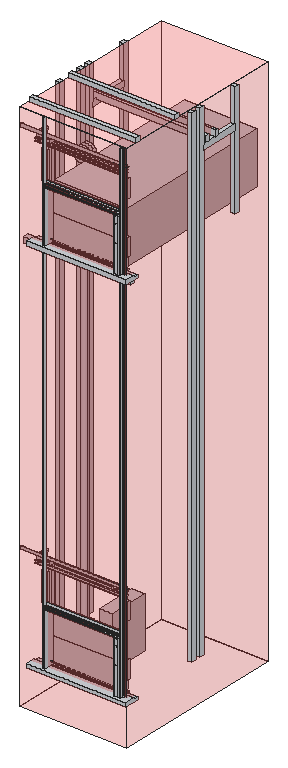
Revit family "SHC2000-2U-1方向", category 一般モデル, Revit 2018
Family settings
  鉄筋をホスト可能 = いいえ
  丸型コネクタ寸法 = 直径を使用
  パーツ タイプ = 標準
  作業面ベース = いいえ
  常に垂直 = はい
  ロード時にボイドで切り取り = いいえ
  共有 = いいえ
  部屋計算ポイント = いいえ
Parameters
  昇降行程 = 13000 mm
Reference planes
  plane 1 "レール芯": y = 0
  plane 2 "最下階FL": z = 0
  plane 3 "かご芯": x = 0
  plane 4: z = 13000
  plane 5 "ピット底面": z = -1550
  plane 6: z = 16900
  plane 7: z = 1800
Forms (mm)
  Extrusion 1, solid
    sketch origin (-115, 140, 0) x (1, 0, 0) y (0, 1, 0)
      loop
        line (-2010, 3075) -> (-2010, -3010) -> (1650, -3010) -> (1650, 3075) -> (-2010, 3075)
    from -1550 to 16900
  Extrusion 2, solid
    sketch origin (-188.849, -187.656, 5000) x (1, 0, 0) y (0, 1, 0)
      loop
        line (-1046.151, 3292.656) -> (-1046.151, -2312.344) -> (1423.849, -2312.344) -> (1423.849, 3292.656) -> (-1046.151, 3292.656)
    from 8000 to 9800
  Extrusion 3, solid
    sketch origin (69.836, -13.256, 0) x (1, 0, 0) y (0, 1, 0)
      loop
        line (1465.164, 263.256) -> (1465.164, 113.256) -> (1615.164, 113.256) -> (1615.164, 263.256) -> (1465.164, 263.256)
    from 0 to 16900
  Extrusion 4, solid
    sketch origin (-180.164, -413.256, 0) x (1, 0, 0) y (0, 1, 0)
      loop
        line (1715.164, 313.256) -> (1715.164, 163.256) -> (1865.164, 163.256) -> (1865.164, 313.256) -> (1715.164, 313.256)
    from 0 to 16900
  Extrusion 5, solid
    sketch origin (758.997, -221.31, 0) x (1, 0, 0) y (0, 1, 0)
      loop
        line (-3033.997, 471.31) -> (-3033.997, 321.31) -> (-2883.997, 321.31) -> (-2883.997, 471.31) -> (-3033.997, 471.31)
    from 0 to 16900
  Extrusion 6, solid
    sketch origin (758.997, -1471.31, 0) x (1, 0, 0) y (0, 1, 0)
      loop
        line (-3033.997, 1371.31) -> (-3033.997, 1221.31) -> (-2883.997, 1221.31) -> (-2883.997, 1371.31) -> (-3033.997, 1371.31)
    from 0 to 16900
  Extrusion 7, solid
    sketch origin (0, -2744.792, -183.066) x (0, 1, 0) y (0, 0, 1)
      loop
        line (279.792, 17233.066) -> (279.792, 17083.066) -> (429.792, 17083.066) -> (429.792, 17233.066) -> (279.792, 17233.066)
    from -2125 to 1535
  Extrusion 8, solid
    sketch origin (0, -1079.792, -183.066) x (0, 1, 0) y (0, 0, 1)
      loop
        line (279.792, 17233.066) -> (279.792, 17083.066) -> (429.792, 17083.066) -> (429.792, 17233.066) -> (279.792, 17233.066)
    from -2125 to 1535
  Extrusion 9, solid
    sketch origin (0, -1882.235, 116.596) x (0, 1, 0) y (0, 0, 1)
      loop
        line (-827.765, 12733.404) -> (-827.765, 12539.404) -> (-677.765, 12539.404) -> (-677.765, 12733.404) -> (-827.765, 12733.404)
    from -2125 to 1535
  Extrusion 10, solid
    sketch origin (322.648, -2063.415, 0) x (-1, 0, 0) y (0, -1, 0)
      loop
        line (-1052.352, 796.585) -> (-1052.352, 896.585) -> (-1055.352, 896.585)
        arc (-1055.352, 896.585) -> (-1060.302, 894.535) -> (-1062.352, 889.585) r 7
        line (-1062.352, 889.585) -> (-1062.352, 816.585)
        arc (-1062.352, 816.585) -> (-1065.281, 809.514) -> (-1072.352, 806.585) r 10
        line (-1072.352, 806.585) -> (-1145.352, 806.585)
        arc (-1145.352, 806.585) -> (-1150.302, 804.535) -> (-1152.352, 799.585) r 7
        line (-1152.352, 799.585) -> (-1152.352, 796.585) -> (-1052.352, 796.585)
    from 0 to 12850
  Extrusion 11, solid
    sketch origin (-22.648, -2063.415, 0) x (1, 0, 0) y (0, 1, 0)
      loop
        line (-1232.352, -796.585) -> (-1332.352, -796.585) -> (-1332.352, -799.585)
        arc (-1332.352, -799.585) -> (-1330.302, -804.535) -> (-1325.352, -806.585) r 7
        line (-1325.352, -806.585) -> (-1252.352, -806.585)
        arc (-1252.352, -806.585) -> (-1245.281, -809.514) -> (-1242.352, -816.585) r 10
        line (-1242.352, -816.585) -> (-1242.352, -889.585)
        arc (-1242.352, -889.585) -> (-1240.302, -894.535) -> (-1235.352, -896.585) r 7
        line (-1235.352, -896.585) -> (-1232.352, -896.585) -> (-1232.352, -796.585)
    from 0 to 12850
  Extrusion 12, solid
    sketch origin (522.648, -2063.415, 5000) x (-1, 0, 0) y (0, -1, 0)
      loop
        line (-852.352, 896.585) -> (-855.352, 896.585)
        arc (-855.352, 896.585) -> (-860.302, 894.535) -> (-862.352, 889.585) r 7
        line (-862.352, 889.585) -> (-862.352, 816.585)
        arc (-862.352, 816.585) -> (-865.281, 809.514) -> (-872.352, 806.585) r 10
        line (-872.352, 806.585) -> (-945.352, 806.585)
        arc (-945.352, 806.585) -> (-950.302, 804.535) -> (-952.352, 799.585) r 7
        line (-952.352, 799.585) -> (-952.352, 796.585) -> (-852.352, 796.585) -> (-852.352, 896.585)
    from 8000 to 11900
  Extrusion 13, solid
    sketch origin (-22.648, -2063.415, 5000) x (1, 0, 0) y (0, 1, 0)
      loop
        arc (-1242.352, -889.585) -> (-1240.302, -894.535) -> (-1235.352, -896.585) r 7
        line (-1235.352, -896.585) -> (-1232.352, -896.585) -> (-1232.352, -796.585) -> (-1332.352, -796.585) -> (-1332.352, -799.585)
        arc (-1332.352, -799.585) -> (-1330.302, -804.535) -> (-1325.352, -806.585) r 7
        line (-1325.352, -806.585) -> (-1252.352, -806.585)
        arc (-1252.352, -806.585) -> (-1245.281, -809.514) -> (-1242.352, -816.585) r 10
        line (-1242.352, -816.585) -> (-1242.352, -889.585)
    from 8000 to 11900
  Extrusion 14, solid
    sketch origin (90, -5397.272, 6235.614) x (0, 0, -1) y (0, 1, 0)
      loop
        line (-8644.386, 2437.272) -> (-8644.386, 2537.272) -> (-8744.386, 2537.272) -> (-8744.386, 2534.272)
        arc (-8744.386, 2534.272) -> (-8742.335, 2529.322) -> (-8737.386, 2527.272) r 7
        line (-8737.386, 2527.272) -> (-8664.386, 2527.272)
        arc (-8664.386, 2527.272) -> (-8657.315, 2524.343) -> (-8654.386, 2517.272) r 10
        line (-8654.386, 2517.272) -> (-8654.386, 2444.272)
        arc (-8654.386, 2444.272) -> (-8652.335, 2439.322) -> (-8647.386, 2437.272) r 7
        line (-8647.386, 2437.272) -> (-8644.386, 2437.272)
    from -1345 to 1285
  Extrusion 15, solid
    sketch origin (0, -1037.728, 6270.614) x (0, 0, -1) y (0, 1, 0)
      loop
        line (-10039.386, -1729.272) -> (-10039.386, -1802.272)
        arc (-10039.386, -1802.272) -> (-10042.315, -1809.343) -> (-10049.386, -1812.272) r 10
        line (-10049.386, -1812.272) -> (-10122.386, -1812.272)
        arc (-10122.386, -1812.272) -> (-10127.335, -1814.322) -> (-10129.386, -1819.272) r 7
        line (-10129.386, -1819.272) -> (-10129.386, -1822.272) -> (-10029.386, -1822.272) -> (-10029.386, -1722.272) -> (-10032.386, -1722.272)
        arc (-10032.386, -1722.272) -> (-10037.335, -1724.322) -> (-10039.386, -1729.272) r 7
    from -2125 to 1535
  Extrusion 16, solid
    sketch origin (454.836, 1486.744, 0) x (1, 0, 0) y (0, 1, 0)
      loop
        line (1080.164, 263.256) -> (1080.164, 113.256) -> (1230.164, 113.256) -> (1230.164, 263.256) -> (1080.164, 263.256)
    from 13000 to 16900
  Extrusion 17, solid
    sketch origin (783.997, -2408.81, 0) x (1, 0, 0) y (0, 1, 0)
      loop
        line (-3058.997, 1408.81) -> (-3058.997, 1258.81) -> (-2908.997, 1258.81) -> (-2908.997, 1408.81) -> (-3058.997, 1408.81)
    from 0 to 16900
  Extrusion 18, solid
    sketch origin (-455, 650, -1350) x (1, 0, 0) y (0, 1, 0)
      loop
        line (-1420, 950) -> (-1420, -420) -> (-970, -420) -> (-970, 950) -> (-1420, 950)
    from -200 to 1550
  Extrusion 19, solid
    sketch origin (-290, -250, 0) x (1, 0, 0) y (0, 1, 0)
      loop
        circle (-1325, -475) r 110
    from 383 to 14716
  Extrusion 20, solid
    sketch origin (-1265, -550, -566) x (1, 0, 0) y (0, 0, 1)
      loop
        circle (-350, 15316) r 240
    from -10 to 110
  Extrusion 21, solid
    sketch origin (-1265, -800, -566) x (1, 0, 0) y (0, 0, 1)
      loop
        circle (-350, 15316) r 240
    from -10 to 110
  Extrusion 22, solid
    sketch origin (295.293, 79.04, 0) x (1, 0, 0) y (0, 1, 0)
      loop
        line (-2085.293, -629.04) -> (-2085.293, -979.04) -> (-1735.293, -979.04) -> (-1735.293, -629.04) -> (-2085.293, -629.04)
    from -1550 to 383
  Extrusion 23, solid
    sketch origin (-3415.164, 1486.744, 0) x (1, 0, 0) y (0, 1, 0)
      loop
        line (1140.164, 263.256) -> (1140.164, 113.256) -> (1290.164, 113.256) -> (1290.164, 263.256) -> (1140.164, 263.256)
    from 13000 to 16900
  Extrusion 24, solid
    sketch origin (1535, 0, -1200) x (0, 1, 0) y (0, 0, 1)
      loop
        line (250, 16950) -> (250, 16750) -> (1600, 16750) -> (1600, 16950) -> (250, 16950)
    from 0 to 150
  Extrusion 25, solid
    sketch origin (-2325, 0, -1200) x (0, 1, 0) y (0, 0, 1)
      loop
        line (250, 16950) -> (250, 16750) -> (1600, 16750) -> (1600, 16950) -> (250, 16950)
    from 50 to 200
  Extrusion 26, solid
    sketch origin (0, 0, -1200) x (0, 1, 0) y (0, 0, 1)
      loop
        line (360, 17150) -> (360, 16950) -> (450, 16950) -> (450, 17150) -> (360, 17150)
      loop
        line (750, 17150) -> (750, 16950) -> (840, 16950) -> (840, 17150) -> (750, 17150)
    from -2275 to 1685
  Extrusion 27, solid
    sketch origin (0, 0, 0) x (0, 1, 0) y (0, 0, 1)
      loop
        line (-2880, 1890) -> (-2953, 1890)
        arc (-2953, 1890) -> (-2957.95, 1887.95) -> (-2960, 1883) r 7
        line (-2960, 1883) -> (-2960, 1880) -> (-2860, 1880) -> (-2860, 1980) -> (-2863, 1980)
        arc (-2863, 1980) -> (-2867.95, 1977.95) -> (-2870, 1973) r 7
        line (-2870, 1973) -> (-2870, 1900)
        arc (-2870, 1900) -> (-2872.929, 1892.929) -> (-2880, 1890) r 10
    from -1255 to 1375
  Extrusion 28, solid
    sketch origin (0, -5720, 1420) x (0, -1, 0) y (0, 0, -1)
      loop
        arc (-2880, -1890) -> (-2872.929, -1892.929) -> (-2870, -1900) r 10
        line (-2870, -1900) -> (-2870, -1973)
        arc (-2870, -1973) -> (-2867.95, -1977.95) -> (-2863, -1980) r 7
        line (-2863, -1980) -> (-2860, -1980) -> (-2860, -1880) -> (-2960, -1880) -> (-2960, -1883)
        arc (-2960, -1883) -> (-2957.95, -1887.95) -> (-2953, -1890) r 7
        line (-2953, -1890) -> (-2880, -1890)
    from -2125 to 1535
Dimensions and locks
  "昇降行程": plane 4 to plane 2 "最下階FL"
  plane 6 to plane 4 = 3900 mm
  locked: Extrusion 2 to plane 4 at 1800
  locked: plane 4 to Extrusion 10 at 150
  locked: Extrusion 19 to plane 4 at 1716
  aligned and locked: level to plane 2 "最下階FL"
  aligned and locked: Extrusion 1 to plane 5 "ピット底面"
  aligned and locked: Extrusion 2 to plane 4
  aligned and locked: Extrusion 4 to plane 2 "最下階FL"
  aligned and locked: Extrusion 3 to plane 2 "最下階FL"
  aligned and locked: Extrusion 5 to Extrusion 1
  aligned and locked: Extrusion 6 to Extrusion 1
  aligned and locked: Extrusion 3 to Extrusion 1
  aligned and locked: Extrusion 4 to Extrusion 1
  aligned and locked: Extrusion 5 to plane 2 "最下階FL"
  aligned and locked: Extrusion 6 to plane 2 "最下階FL"
  aligned and locked: Extrusion 1 to Extrusion 8  (x2)
  aligned and locked: Extrusion 8 to Extrusion 1
  aligned and locked: Extrusion 7 to Extrusion 1
  aligned and locked: Extrusion 1 to Extrusion 9  (x2)
  aligned and locked: Extrusion 1 to Extrusion 7  (x2)
  aligned and locked: Extrusion 12 to Extrusion 13
  aligned and locked: Extrusion 13 to plane 4
  aligned and locked: Extrusion 12 to plane 4
  aligned and locked: Extrusion 1 to plane 6
  aligned and locked: plane 6 to Extrusion 12
  aligned and locked: plane 6 to Extrusion 13
  aligned and locked: Extrusion 11 to Extrusion 10
  aligned and locked: plane 6 to Extrusion 5
  aligned and locked: plane 6 to Extrusion 3
  aligned and locked: plane 6 to Extrusion 4
  aligned and locked: plane 6 to Extrusion 6
  aligned and locked: Extrusion 1 to Extrusion 17
  aligned and locked: Extrusion 1 to Extrusion 16
  aligned and locked: Extrusion 16 to plane 4
  aligned and locked: Extrusion 1 to Extrusion 23
  aligned and locked: Extrusion 23 to plane 4
  aligned and locked: plane 4 to nested 2
Automatic sketch dimensions
  Extrusion 1 sketch curve to plane 3 "かご芯" = 2125 mm
  plane 3 "かご芯" to Extrusion 1 sketch curve = 1535 mm
  plane 1 "レール芯" to Extrusion 1 sketch curve = 2870 mm
  Extrusion 1 sketch curve to plane 1 "レール芯" = 3215 mm
  Extrusion 2 sketch curve to plane 3 "かご芯" = 1235 mm
  plane 3 "かご芯" to Extrusion 2 sketch curve = 1235 mm
  plane 1 "レール芯" to Extrusion 2 sketch curve = 2500 mm
  Extrusion 2 sketch curve to plane 1 "レール芯" = 3105 mm
  Extrusion 3 sketch curve to plane 1 "レール芯" = 100 mm
  plane 3 "かご芯" to Extrusion 3 sketch curve = 1535 mm
  Extrusion 3 sketch curve to Extrusion 3 sketch curve = 150 mm  (x2)
  plane 1 "レール芯" to Extrusion 4 sketch curve = 250 mm
  plane 3 "かご芯" to Extrusion 4 sketch curve = 1535 mm
  Extrusion 4 sketch curve to Extrusion 4 sketch curve = 150 mm
  plane 1 "レール芯" to Extrusion 4 sketch curve = 100 mm
  Extrusion 5 sketch curve to plane 1 "レール芯" = 100 mm
  Extrusion 5 sketch curve to plane 3 "かご芯" = 2275 mm
  Extrusion 5 sketch curve to Extrusion 5 sketch curve = 150 mm  (x2)
  plane 1 "レール芯" to Extrusion 6 sketch curve = 250 mm
  Extrusion 6 sketch curve to plane 3 "かご芯" = 2275 mm
  Extrusion 6 sketch curve to Extrusion 6 sketch curve = 150 mm
  plane 1 "レール芯" to Extrusion 6 sketch curve = 100 mm
  Extrusion 7 sketch curve to plane 6 = 0 mm
  plane 1 "レール芯" to Extrusion 7 sketch curve = 2465 mm
  Extrusion 7 sketch curve to Extrusion 7 sketch curve = 150 mm
  plane 6 to Extrusion 7 sketch curve = 150 mm
  Extrusion 8 sketch curve to plane 6 = 0 mm
  plane 1 "レール芯" to Extrusion 8 sketch curve = 800 mm
  Extrusion 8 sketch curve to Extrusion 8 sketch curve = 150 mm
  plane 6 to Extrusion 8 sketch curve = 150 mm
  Extrusion 9 sketch curve to plane 4 = 344 mm
  plane 1 "レール芯" to Extrusion 9 sketch curve = 2710 mm
  Extrusion 9 sketch curve to Extrusion 9 sketch curve = 150 mm
  Extrusion 9 sketch curve to plane 4 = 150 mm
  Extrusion 10 sketch curve to plane 3 "かご芯" = 1475 mm
  Extrusion 10 sketch curve to Extrusion 10 sketch curve = 7 mm  (x2)
  Extrusion 10 sketch curve to Extrusion 10 sketch curve = 73 mm  (x2)
  Extrusion 10 sketch curve to Extrusion 10 sketch curve = 10 mm  (x2)
  Extrusion 10 sketch curve to plane 1 "レール芯" = 2960 mm
  Extrusion 10 sketch curve to Extrusion 10 sketch curve = 3 mm
  Extrusion 11 sketch curve to plane 3 "かご芯" = 1355 mm
  Extrusion 11 sketch curve to Extrusion 11 sketch curve = 7 mm  (x2)
  Extrusion 11 sketch curve to Extrusion 11 sketch curve = 73 mm  (x2)
  Extrusion 11 sketch curve to Extrusion 11 sketch curve = 10 mm  (x2)
  plane 1 "レール芯" to Extrusion 11 sketch curve = 2960 mm
  Extrusion 11 sketch curve to Extrusion 11 sketch curve = 3 mm
  Extrusion 12 sketch curve to plane 3 "かご芯" = 1475 mm
  Extrusion 12 sketch curve to Extrusion 12 sketch curve = 7 mm  (x2)
  Extrusion 12 sketch curve to Extrusion 12 sketch curve = 73 mm  (x2)
  Extrusion 12 sketch curve to Extrusion 12 sketch curve = 10 mm  (x2)
  Extrusion 12 sketch curve to plane 1 "レール芯" = 2960 mm
  Extrusion 12 sketch curve to Extrusion 12 sketch curve = 20 mm
  Extrusion 13 sketch curve to plane 3 "かご芯" = 1355 mm
  Extrusion 13 sketch curve to Extrusion 13 sketch curve = 7 mm  (x2)
  Extrusion 13 sketch curve to Extrusion 13 sketch curve = 73 mm  (x2)
  Extrusion 13 sketch curve to Extrusion 13 sketch curve = 10 mm
  Extrusion 13 sketch curve to Extrusion 13 sketch curve = 3 mm  (x2)
  plane 1 "レール芯" to Extrusion 13 sketch curve = 2960 mm
  Extrusion 14 sketch curve to plane 6 = 1920 mm
  Extrusion 14 sketch curve to Extrusion 14 sketch curve = 7 mm  (x2)
  Extrusion 14 sketch curve to Extrusion 14 sketch curve = 73 mm  (x2)
  Extrusion 14 sketch curve to Extrusion 14 sketch curve = 10 mm  (x2)
  Extrusion 14 sketch curve to Extrusion 14 sketch curve = 20 mm
  plane 1 "レール芯" to Extrusion 14 sketch curve = 2960 mm
  plane 6 to Extrusion 15 sketch curve = 500 mm
  Extrusion 15 sketch curve to Extrusion 15 sketch curve = 7 mm  (x2)
  Extrusion 15 sketch curve to Extrusion 15 sketch curve = 73 mm  (x2)
  Extrusion 15 sketch curve to Extrusion 15 sketch curve = 10 mm
  Extrusion 15 sketch curve to Extrusion 15 sketch curve = 3 mm  (x2)
  Extrusion 15 sketch curve to plane 1 "レール芯" = 2760 mm
  plane 3 "かご芯" to Extrusion 16 sketch curve = 1535 mm
  Extrusion 16 sketch curve to Extrusion 16 sketch curve = 150 mm  (x2)
  Extrusion 16 sketch curve to plane 1 "レール芯" = 1600 mm
  Extrusion 17 sketch curve to plane 3 "かご芯" = 2275 mm
  Extrusion 17 sketch curve to Extrusion 17 sketch curve = 150 mm  (x2)
  plane 1 "レール芯" to Extrusion 17 sketch curve = 1150 mm
  Extrusion 18 sketch curve to plane 1 "レール芯" = 230 mm
  Extrusion 18 sketch curve to plane 3 "かご芯" = 1875 mm
  Extrusion 18 sketch curve to Extrusion 18 sketch curve = 450 mm
  Extrusion 18 sketch curve to Extrusion 18 sketch curve = 1370 mm
  Extrusion 20 sketch curve to plane 3 "かご芯" = 1615 mm
  plane 4 to Extrusion 20 sketch curve = 1750 mm
  Extrusion 21 sketch curve to plane 3 "かご芯" = 1615 mm
  plane 4 to Extrusion 21 sketch curve = 1750 mm
  Extrusion 22 sketch curve to plane 3 "かご芯" = 1790 mm
  Extrusion 22 sketch curve to Extrusion 22 sketch curve = 350 mm  (x2)
  plane 1 "レール芯" to Extrusion 22 sketch curve = 900 mm
  Extrusion 23 sketch curve to plane 3 "かご芯" = 2275 mm
  Extrusion 23 sketch curve to Extrusion 23 sketch curve = 150 mm  (x2)
  Extrusion 23 sketch curve to plane 1 "レール芯" = 1600 mm
  Extrusion 24 sketch curve to plane 1 "レール芯" = 250 mm
  Extrusion 24 sketch curve to Extrusion 24 sketch curve = 1350 mm
  Extrusion 24 sketch curve to plane 6 = 1350 mm
  Extrusion 24 sketch curve to Extrusion 24 sketch curve = 200 mm
  Extrusion 25 sketch curve to plane 1 "レール芯" = 250 mm
  Extrusion 25 sketch curve to Extrusion 25 sketch curve = 1350 mm
  Extrusion 25 sketch curve to plane 6 = 1350 mm
  Extrusion 25 sketch curve to Extrusion 25 sketch curve = 200 mm
  Extrusion 26 sketch curve to plane 1 "レール芯" = 360 mm
  Extrusion 26 sketch curve to Extrusion 26 sketch curve = 90 mm  (x2)
  Extrusion 26 sketch curve to Extrusion 26 sketch curve = 300 mm
  Extrusion 26 sketch curve to plane 6 = 1150 mm
  Extrusion 26 sketch curve to Extrusion 26 sketch curve = 0 mm
  Extrusion 26 sketch curve to Extrusion 26 sketch curve = 200 mm  (x2)
  Extrusion 27 sketch curve to plane 7 = 80 mm
  plane 1 "レール芯" to Extrusion 27 sketch curve = 2960 mm
  Extrusion 27 sketch curve to Extrusion 27 sketch curve = 7 mm  (x2)
  Extrusion 27 sketch curve to Extrusion 27 sketch curve = 73 mm  (x2)
  Extrusion 27 sketch curve to Extrusion 27 sketch curve = 10 mm  (x2)
  Extrusion 27 sketch curve to Extrusion 27 sketch curve = 3 mm
  plane 7 to Extrusion 28 sketch curve = 1500 mm
  Extrusion 28 sketch curve to plane 1 "レール芯" = 2760 mm
  Extrusion 28 sketch curve to Extrusion 28 sketch curve = 7 mm  (x2)
  Extrusion 28 sketch curve to Extrusion 28 sketch curve = 73 mm  (x2)
  Extrusion 28 sketch curve to Extrusion 28 sketch curve = 10 mm  (x2)
  Extrusion 28 sketch curve to Extrusion 28 sketch curve = 3 mm
  radius of Extrusion 20 sketch curve = 240 mm
  radius of Extrusion 21 sketch curve = 240 mm
Nested families
  nested 1: "2U" at (0, -2530, 0), type "2U"
    with 戸袋 1220 mm, 壁外～敷居先端 440 mm, 出入口高さ 1800 mm, 出入口幅 2350 mm
  nested 2: "2U" at (0, -2530, 13000), type "2U"
    with 戸袋 1220 mm, 壁外～敷居先端 440 mm, 出入口高さ 1800 mm, 出入口幅 2350 mm
Definition of nested family "2U"
  Parameters (values of type "2U")
    戸袋 = 1570 mm
    壁外～敷居先端 = 470 mm
    出入口高さ = 2500 mm
    出入口幅 = 2500 mm
  Reference planes
    plane 1 "敷居先端": y = 0
    plane 2: z = 0
    plane 3 "中心(左/右)": x = 0
    plane 4: x = 1250
    plane 5: x = -1250
    plane 6: z = 2500
    plane 7: z = 1250
    plane 8 "出入口高さ": z = 4070
    plane 9: z = 4050
    plane 10: x = 989
    plane 11: z = 4080
    plane 12: x = -1406
    plane 13: z = 4172.5
    plane 14: x = -1830
    plane 15: x = -1735
    plane 16: z = 4230
    plane 17: z = 2570
    plane 18: y = -470
    plane 19: x = -1330
    plane 20: x = 1450
    plane 21: z = 2580
  Forms (mm)
    Extrusion 1, solid
      sketch origin (0, 0, 0) x (1, 0, 0) y (0, 1, 0)
        loop
          line (-1270, -45) -> (-1270, -87) -> (1270, -87) -> (1270, -45) -> (-1270, -45)
      from 0 to 1280
    Extrusion 2, solid
      sketch origin (0, 0, 0) x (1, 0, 0) y (0, 1, 0)
        loop
          line (-1270, -95) -> (-1270, -137) -> (1270, -137) -> (1270, -95) -> (-1270, -95)
      from 1250 to 2530
    Extrusion 3, solid
      sketch origin (0, 0, 0) x (1, 0, 0) y (0, 1, 0)
        loop
          line (-1300, -145) -> (-1300, -146.6) -> (-1251.6, -146.6) -> (-1251.6, -478.4) -> (-1278.4, -478.4) -> (-1278.4, -450) -> (-1280, -450) -> (-1280, -480) -> (-1250, -480) -> (-1250, -145) -> (-1300, -145)
      from 0 to 2500
    Extrusion 4, solid
      sketch origin (0, 0, 0) x (1, 0, 0) y (0, 1, 0)
        loop
          line (1300, -145) -> (1250, -145) -> (1250, -480) -> (1400, -480) -> (1400, -450) -> (1398.4, -450) -> (1398.4, -478.4) -> (1251.6, -478.4) -> (1251.6, -146.6) -> (1300, -146.6) -> (1300, -145)
      from 0 to 2500
    Extrusion 5, solid
      sketch origin (0, 0, -10) x (0, 1, 0) y (0, 0, 1)
        loop
          line (-30, 10) -> (-570, 10) -> (-570, -140) -> (-30, -140) -> (-30, 10)
      from -1750 to 1750
    Extrusion 6, void
      sketch origin (0, 0, 0) x (0, 1, 0) y (0, 0, 1)
        loop
          line (-230, 0) -> (-230, -60) -> (-30, -60) -> (-30, 0) -> (-230, 0)
      from -1750 to 1750
    Extrusion 7, solid
      sketch origin (0, 0, 0) x (0, 1, 0) y (0, 0, 1)
        loop
          line (-155, 0) -> (-155, -4.5) -> (0, -4.5) -> (0, 0) -> (-155, 0)
      from -1412 to 1412
    Extrusion 8, solid
      sketch origin (0, 0, 0) x (0, 1, 0) y (0, 0, 1)
        loop
          arc (-150, -14) -> (-148.682, -10.818) -> (-145.5, -9.5) r 4.5
          line (-145.5, -9.5) -> (-118, -9.5)
          arc (-118, -9.5) -> (-115.879, -8.621) -> (-115, -6.5) r 3
          line (-115, -6.5) -> (-115, -4.5) -> (-155, -4.5) -> (-155, -44.5) -> (-153, -44.5)
          arc (-153, -44.5) -> (-150.879, -43.621) -> (-150, -41.5) r 3
          line (-150, -41.5) -> (-150, -14)
      from -1412 to 1412
    Extrusion 9, solid
      sketch origin (0, 0, 0) x (0, 1, 0) y (0, 0, 1)
        loop
          line (-10, -14) -> (-10, -41.5)
          arc (-10, -41.5) -> (-9.121, -43.621) -> (-7, -44.5) r 3
          line (-7, -44.5) -> (-5, -44.5) -> (-5, -4.5) -> (-45, -4.5) -> (-45, -6.5)
          arc (-45, -6.5) -> (-44.121, -8.621) -> (-42, -9.5) r 3
          line (-42, -9.5) -> (-14.5, -9.5)
          arc (-14.5, -9.5) -> (-11.318, -10.818) -> (-10, -14) r 4.5
      from -1412 to 1412
    Extrusion 10, solid
      sketch origin (0, 0, 0) x (0, 1, 0) y (0, 0, 1)
        loop
          line (-40.028, 3970) -> (0, 3970) -> (0, 3974.5) -> (-35.5, 3974.5) -> (-35.5, 4065.5) -> (0, 4065.5) -> (0, 4070) -> (-40.028, 4070) -> (-40.028, 3970)
      from -1830 to 1362
    Extrusion 11, solid
      sketch origin (0, 0, 0) x (0, 1, 0) y (0, 0, 1)
        loop
          line (-175, 4076) -> (-175, 4070) -> (125, 4070) -> (125, 4076) -> (-175, 4076)
      from -1830 to -1640
    Extrusion 12, solid
      sketch origin (0, 0, 0) x (0, 1, 0) y (0, 0, 1)
        loop
          line (-450, 2530) -> (-480, 2530) -> (-480, 2500) -> (-145, 2500) -> (-145, 2501.6) -> (-478.4, 2501.6) -> (-478.4, 2528.4) -> (-450, 2528.4) -> (-450, 2530)
      from -1280 to 1400
    Extrusion 13, solid
      sketch origin (-22.601, -148.434, 0) x (1, 0, 0) y (0, 1, 0)
        loop
          line (1312.601, 108.406) -> (1312.601, 8.406) -> (1384.601, 8.406) -> (1384.601, 108.406) -> (1312.601, 108.406)
      from 0 to 4070
    Extrusion 14, solid
      sketch origin (-3174.601, -148.434, 0) x (1, 0, 0) y (0, 1, 0)
        loop
          line (1812.601, 108.406) -> (1812.601, 8.406) -> (1884.601, 8.406) -> (1884.601, 108.406) -> (1812.601, 108.406)
      from 0 to 4070
    Extrusion 15, solid
      sketch origin (0, 0, 0) x (-1, 0, 0) y (0, 0, -1)
        loop
          circle (-989, -4080) r 61
      from 65 to 115
    Extrusion 16, solid
      sketch origin (0, 0, 0) x (1, 0, 0) y (0, 0, 1)
        loop
          circle (-1406, 4172.5) r 81
      from 65 to 135
    Extrusion 17, solid
      sketch origin (0, 0, 0) x (1, 0, 0) y (0, 0, 1)
        loop
          circle (-1735, 4230) r 60
      from -205.9 to 20.6
    Extrusion 18, solid
      sketch origin (0, 0, 3250) x (1, 0, 0) y (0, 1, 0)
        loop
          line (-1587, -12) -> (-1587, -168) -> (-1387, -168) -> (-1387, -12) -> (-1587, -12)
      from -750 to 250
    Extrusion 19, solid
      sketch origin (229.034, -29.566, 4076) x (1, 0, 0) y (0, 1, 0)
        loop
          line (-2054.034, 154.566) -> (-2054.034, -45.434) -> (-1874.034, -45.434) -> (-1874.034, 154.566) -> (-2054.034, 154.566)
      from 0 to 154
    Extrusion 20, solid
      sketch origin (2782.417, -417.994, 75) x (1, 0, 0) y (0, 1, 0)
        loop
          line (-1420.417, 373.067) -> (-1420.417, 283.067) -> (-1382.217, 283.067) -> (-1382.217, 373.067) -> (-1420.417, 373.067)
      from 0 to 255
    Extrusion 21, solid
      sketch origin (-286.199, -145.163, 430) x (1, 0, 0) y (0, 1, 0)
        loop
          line (1648.199, 95.235) -> (1648.199, 15.235) -> (1778.199, 15.235) -> (1778.199, 95.235) -> (1648.199, 95.235)
      from 0 to 600
    Extrusion 22, solid
      sketch origin (-286.199, -145.163, 2930) x (1, 0, 0) y (0, 1, 0)
        loop
          line (1648.199, 95.235) -> (1648.199, 15.235) -> (1778.199, 15.235) -> (1778.199, 95.235) -> (1648.199, 95.235)
      from 0 to 600
    Extrusion 23, solid
      sketch origin (142.65, 0, -207.206) x (1, 0, 0) y (0, 0, 1)
        loop
          line (-1638.65, 4379.706) -> (-1638.65, 4277.206) -> (-1458.65, 4277.206) -> (-1458.65, 4379.706) -> (-1638.65, 4379.706)
      from 0 to 180.055
    Extrusion 24, solid
      sketch origin (520, -163, 962.5) x (1, 0, 0) y (0, 1, 0)
        loop
          line (740, -317) -> (740, -320) -> (870, -320) -> (870, -317) -> (740, -317)
      from 0 to 590
    Extrusion 25, solid
      sketch origin (0, -180.055, 0) x (0, -1, 0) y (0, 0, -1)
        loop
          line (-40.028, -3970) -> (-40.028, -4070) -> (0, -4070) -> (0, -4065.5) -> (-35.5, -4065.5) -> (-35.5, -3974.5) -> (0, -3974.5) -> (0, -3970) -> (-40.028, -3970)
      from -1830 to 1362
  Cuts and joins
    Extrusion 6 cuts Extrusion 1
    Extrusion 6 cuts Extrusion 5
  Lines and regions (mm)
    reference lines
      curve 1: line (1250, -10, 0) -> (1362, -10, 0)
    symbolic lines
      curve 2: line (0, -480, 0) -> (0, -145, 0)
  Dimensions and locks
    "出入口幅": plane 5 to plane 4
    equal spacing: plane 5, plane 3 "中心(左/右)", plane 4
    "出入口高さ": plane 6 to level
    equal spacing: plane 6, plane 7, level
    locked: Extrusion 2 to plane 6 at 30
    locked: Extrusion 1 to plane 7 at 30
    locked: plane 4 to Extrusion 1 at 20
    locked: Extrusion 2 to plane 5 at 20
    locked: plane 4 to Extrusion 7 at 162
    locked: Extrusion 7 to plane 5 at 162
    "戸袋": plane 8 "出入口高さ" to plane 6
    locked: plane 4 to Extrusion 10 at 112
    locked: plane 9 to plane 8 "出入口高さ" at 20
    locked: Extrusion 12 to plane 5 at 30
    locked: plane 4 to Extrusion 12 at 150
    locked: plane 11 to plane 8 "出入口高さ" at 10
    locked: plane 4 to plane 10 at 261
    locked: plane 13 to plane 8 "出入口高さ" at 102.5
    locked: plane 14 to Extrusion 11 at 190
    locked: plane 14 to plane 5 at 580
    locked: plane 14 to plane 12 at 424
    locked: plane 16 to plane 8 "出入口高さ" at 160
    locked: plane 14 to plane 15 at 95
    locked: plane 4 to cut or joined group of Extrusion 5, Extrusion 6 at 500
    cut or joined group of Extrusion 5, Extrusion 6 to plane 5 = 500 mm
    locked: plane 6 to plane 17 at 70
    locked: plane 18 to Extrusion 3 at 10
    locked: plane 18 to Extrusion 4 at 10
    locked: plane 18 to cut or joined group of Extrusion 5, Extrusion 6 at 100
    locked: Extrusion 12 to plane 18 at 10
    locked: Extrusion 18 to plane 6 at 1000
    locked: Extrusion 22 to Extrusion 22 at 600
    locked: plane 6 to Extrusion 22 at 430
    locked: Extrusion 11 to plane 8 "出入口高さ" at 6
    locked: plane 16 to Extrusion 11 at 154
    locked: cut or joined group of Extrusion 5, Extrusion 6 to cut or joined group of Extrusion 5, Extrusion 6 at 200
    locked: plane 19 to plane 5 at 80
    locked: plane 4 to plane 20 at 200
    locked: plane 21 to plane 6 at 80
    "壁外～敷居先端": plane 18 to plane 1 "敷居先端"
    aligned and locked: level to plane 2
    aligned and locked: Extrusion 2 to plane 7
    aligned and locked: plane 5 to Extrusion 3
    aligned and locked: plane 4 to Extrusion 4
    aligned and locked: plane 6 to Extrusion 4
    aligned and locked: Extrusion 4 to plane 6
    aligned and locked: plane 6 to Extrusion 3
    aligned and locked: Extrusion 7 to plane 1 "敷居先端"
    aligned and locked: Extrusion 7 to Extrusion 8  (x2)
    aligned and locked: Extrusion 7 to Extrusion 9  (x2)
    aligned and locked: Extrusion 8 to Extrusion 7
    aligned and locked: plane 8 "出入口高さ" to Extrusion 10
    aligned and locked: Extrusion 11 to Extrusion 10
    aligned and locked: Extrusion 12 to plane 6
    aligned and locked: Extrusion 12 to Extrusion 3
    aligned and locked: Extrusion 12 to Extrusion 4
    aligned and locked: Extrusion 13 to level
    aligned and locked: Extrusion 14 to level
    aligned and locked: plane 11 to Extrusion 15
    aligned and locked: Extrusion 16 to plane 13
    aligned and locked: plane 14 to Extrusion 11
    aligned and locked: plane 14 to Extrusion 10
    aligned and locked: Extrusion 17 to plane 16
    aligned and locked: cut or joined group of Extrusion 5, Extrusion 6 to cut or joined group of Extrusion 5, Extrusion 6  (x4)
    aligned and locked: cut or joined group of Extrusion 5, Extrusion 6 to Extrusion 6
    aligned and locked: Extrusion 6 to cut or joined group of Extrusion 5, Extrusion 6
    aligned and locked: Extrusion 18 to plane 6
    aligned and locked: Extrusion 19 to plane 16
    aligned and locked: Extrusion 19 to Extrusion 11
    aligned and locked: Extrusion 20 to Extrusion 13
    aligned and locked: Extrusion 21 to Extrusion 13
    aligned and locked: Extrusion 23 to plane 13
    aligned and locked: Extrusion 11 to plane 8 "出入口高さ"
    aligned and locked: plane 8 "出入口高さ" to Extrusion 13
    aligned and locked: plane 8 "出入口高さ" to Extrusion 14
    aligned and locked: Extrusion 25 to Extrusion 10  (x2)
  Automatic sketch dimensions
    plane 1 "敷居先端" to curve 2 = 145 mm
    Extrusion 1 sketch curve to plane 5 = 20 mm
    Extrusion 1 sketch curve to plane 4 = 20 mm
    plane 1 "敷居先端" to Extrusion 1 sketch curve = 87 mm
    Extrusion 1 sketch curve to Extrusion 1 sketch curve = 42 mm
    Extrusion 2 sketch curve to plane 5 = 20 mm
    Extrusion 2 sketch curve to plane 4 = 20 mm
    plane 1 "敷居先端" to Extrusion 2 sketch curve = 137 mm
    Extrusion 2 sketch curve to Extrusion 2 sketch curve = 42 mm
    Extrusion 3 sketch curve to plane 5 = 0 mm
    Extrusion 3 sketch curve to plane 5 = 1.6 mm
    Extrusion 3 sketch curve to plane 18 = 8.4 mm
    Extrusion 3 sketch curve to Extrusion 3 sketch curve = 26.8 mm
    Extrusion 3 sketch curve to Extrusion 3 sketch curve = 1.6 mm  (x3)
    Extrusion 3 sketch curve to plane 19 = 30 mm
    plane 18 to Extrusion 3 sketch curve = 20 mm
    plane 1 "敷居先端" to Extrusion 3 sketch curve = 146.6 mm
    Extrusion 4 sketch curve to plane 4 = 0 mm
    Extrusion 4 sketch curve to plane 4 = 1.6 mm
    Extrusion 4 sketch curve to Extrusion 4 sketch curve = 48.4 mm
    Extrusion 4 sketch curve to plane 18 = 8.4 mm
    plane 20 to Extrusion 4 sketch curve = 51.6 mm
    Extrusion 4 sketch curve to Extrusion 4 sketch curve = 1.6 mm  (x3)
    plane 18 to Extrusion 4 sketch curve = 20 mm
    plane 1 "敷居先端" to Extrusion 4 sketch curve = 146.6 mm
    Extrusion 5 sketch curve to level = 0 mm
    Extrusion 5 sketch curve to plane 18 = 100 mm
    plane 1 "敷居先端" to Extrusion 5 sketch curve = 30 mm
    Extrusion 5 sketch curve to level = 150 mm
    Extrusion 6 sketch curve to level = 0 mm
    Extrusion 6 sketch curve to level = 60 mm
    plane 1 "敷居先端" to Extrusion 6 sketch curve = 30 mm
    Extrusion 7 sketch curve to level = 0 mm
    Extrusion 7 sketch curve to plane 1 "敷居先端" = 0 mm
    plane 1 "敷居先端" to Extrusion 7 sketch curve = 155 mm
    Extrusion 7 sketch curve to level = 4.5 mm
    Extrusion 8 sketch curve to level = 4.5 mm
    plane 1 "敷居先端" to Extrusion 8 sketch curve = 155 mm
    Extrusion 8 sketch curve to Extrusion 8 sketch curve = 2 mm
    Extrusion 8 sketch curve to Extrusion 8 sketch curve = 3 mm  (x2)
    Extrusion 8 sketch curve to Extrusion 8 sketch curve = 4.5 mm
    Extrusion 8 sketch curve to level = 6.5 mm
    Extrusion 8 sketch curve to Extrusion 8 sketch curve = 27.5 mm  (x2)
    Extrusion 9 sketch curve to level = 4.5 mm
    plane 1 "敷居先端" to Extrusion 9 sketch curve = 45 mm
    Extrusion 9 sketch curve to Extrusion 9 sketch curve = 3 mm  (x2)
    Extrusion 9 sketch curve to level = 9.5 mm
    plane 1 "敷居先端" to Extrusion 9 sketch curve = 14.5 mm
    plane 1 "敷居先端" to Extrusion 9 sketch curve = 10 mm
    Extrusion 9 sketch curve to Extrusion 9 sketch curve = 2 mm
    Extrusion 9 sketch curve to Extrusion 9 sketch curve = 27.5 mm
    Extrusion 10 sketch curve to plane 8 "出入口高さ" = 0 mm
    Extrusion 10 sketch curve to plane 1 "敷居先端" = 0 mm  (x2)
    Extrusion 10 sketch curve to plane 8 "出入口高さ" = 4.5 mm
    plane 1 "敷居先端" to Extrusion 10 sketch curve = 35.5 mm
    Extrusion 10 sketch curve to Extrusion 10 sketch curve = 4.528 mm
    plane 9 to Extrusion 10 sketch curve = 75.5 mm
    Extrusion 10 sketch curve to Extrusion 10 sketch curve = 4.5 mm
    curve 1 to plane 4 = 0 mm
    plane 1 "敷居先端" to curve 1 = 10 mm
    plane 20 to curve 1 = 88 mm
    Extrusion 11 sketch curve to plane 8 "出入口高さ" = 0 mm
    plane 1 "敷居先端" to Extrusion 11 sketch curve = 175 mm
    Extrusion 11 sketch curve to plane 1 "敷居先端" = 125 mm
    Extrusion 11 sketch curve to plane 11 = 4 mm
    Extrusion 12 sketch curve to plane 6 = 0 mm
    Extrusion 12 sketch curve to plane 18 = 10 mm
    Extrusion 12 sketch curve to Extrusion 12 sketch curve = 1.6 mm  (x2)
    plane 18 to Extrusion 12 sketch curve = 20 mm
    plane 1 "敷居先端" to Extrusion 12 sketch curve = 145 mm
    plane 6 to Extrusion 12 sketch curve = 1.6 mm
    Extrusion 12 sketch curve to Extrusion 12 sketch curve = 26.8 mm
    Extrusion 13 sketch curve to plane 4 = 40 mm
    Extrusion 13 sketch curve to Extrusion 13 sketch curve = 72 mm
    plane 1 "敷居先端" to Extrusion 13 sketch curve = 140.028 mm
    plane 1 "敷居先端" to Extrusion 13 sketch curve = 40.028 mm
    plane 19 to Extrusion 14 sketch curve = 32 mm
    Extrusion 14 sketch curve to plane 5 = 40 mm
    plane 1 "敷居先端" to Extrusion 14 sketch curve = 140.028 mm
    plane 1 "敷居先端" to Extrusion 14 sketch curve = 40.028 mm
    Extrusion 15 sketch curve to plane 10 = 0 mm
    Extrusion 15 sketch curve to plane 11 = 0 mm
    plane 12 to Extrusion 16 sketch curve = 0 mm
    Extrusion 16 sketch curve to plane 13 = 0 mm
    Extrusion 17 sketch curve to plane 15 = 0 mm
    Extrusion 17 sketch curve to plane 16 = 0 mm
    plane 15 to Extrusion 18 sketch curve = 148 mm
    Extrusion 18 sketch curve to plane 12 = 19 mm
    plane 1 "敷居先端" to Extrusion 18 sketch curve = 168 mm
    plane 1 "敷居先端" to Extrusion 18 sketch curve = 12 mm
    Extrusion 19 sketch curve to plane 14 = 5 mm
    plane 15 to Extrusion 19 sketch curve = 90 mm
    plane 1 "敷居先端" to Extrusion 19 sketch curve = 75 mm
    Extrusion 19 sketch curve to plane 1 "敷居先端" = 125 mm
    plane 20 to Extrusion 20 sketch curve = 88 mm
    Extrusion 20 sketch curve to Extrusion 20 sketch curve = 38.2 mm
    plane 1 "敷居先端" to Extrusion 20 sketch curve = 134.928 mm
    plane 1 "敷居先端" to Extrusion 20 sketch curve = 44.928 mm
    plane 20 to Extrusion 21 sketch curve = 88 mm
    Extrusion 21 sketch curve to plane 20 = 42 mm
    plane 1 "敷居先端" to Extrusion 21 sketch curve = 129.928 mm
    plane 1 "敷居先端" to Extrusion 21 sketch curve = 49.928 mm
    plane 20 to Extrusion 22 sketch curve = 88 mm
    Extrusion 22 sketch curve to plane 20 = 42 mm
    plane 1 "敷居先端" to Extrusion 22 sketch curve = 129.928 mm
    plane 1 "敷居先端" to Extrusion 22 sketch curve = 49.928 mm
    Extrusion 23 sketch curve to plane 8 "出入口高さ" = 0 mm
    Extrusion 23 sketch curve to plane 13 = 0 mm
    plane 12 to Extrusion 23 sketch curve = 90 mm
    Extrusion 23 sketch curve to plane 19 = 14 mm
    Extrusion 24 sketch curve to plane 4 = 10 mm
    Extrusion 24 sketch curve to plane 18 = 13 mm
    plane 20 to Extrusion 24 sketch curve = 60 mm
    Extrusion 24 sketch curve to Extrusion 24 sketch curve = 3 mm
    Extrusion 25 sketch curve to plane 8 "出入口高さ" = 0 mm
    Extrusion 25 sketch curve to plane 1 "敷居先端" = 140.028 mm
    Extrusion 25 sketch curve to Extrusion 25 sketch curve = 4.528 mm
    plane 8 "出入口高さ" to Extrusion 25 sketch curve = 4.5 mm
    Extrusion 25 sketch curve to Extrusion 25 sketch curve = 35.5 mm  (x2)
    Extrusion 25 sketch curve to plane 9 = 75.5 mm
    Extrusion 25 sketch curve to Extrusion 25 sketch curve = 4.5 mm
    Extrusion 6 sketch curve to Extrusion 6 sketch curve = 200 mm
    curve 2 to level = 0 mm
    curve 2 to plane 18 = 10 mm
    radius of Extrusion 15 sketch curve = 61 mm
    radius of Extrusion 16 sketch curve = 81 mm
    radius of Extrusion 17 sketch curve = 60 mm
